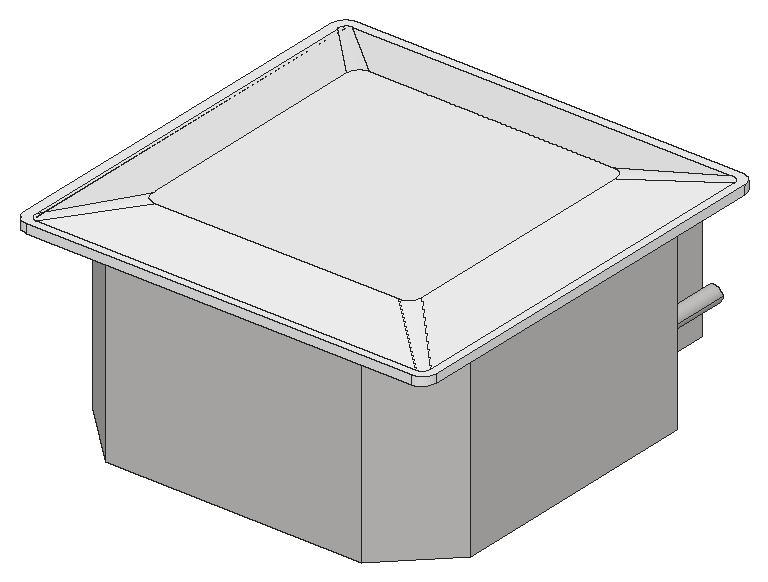
Revit family "Indoor_Unit-VRF-Ductless-JCI-4_Way_Cassette_Mini-0.7_1.5Ton-208_230V", category Mechanical Equipment, host Face, Revit 2013
Parameters (values of type "0.7 Ton - 208V /1PH 60Hz")
  Width = 22 7/16"
  Voltage = 208 V
  URL = "http://www.johnsoncontrols.com"
  Type Comments = "0.7 Ton Unit - 208V"
  Sound Pressure Level = "35 dB"
  Show Clearance [instance] = no
  Refrigerant Used = "R410A"  # constant formula
  Refrigerant Charge = 0.00 lbf
  Product Page URL = "http://www.johnsoncontrols.com/content/us/en/products/building_efficiency/products-and-systems/integrated_hvac_systems/Industrial___Commercial_HVAC_Equipment/Variable_Refrigerant_Flow_Systems_.html"
  Product Documentation Link = "http://www.johnsoncontrols.com/content/dam/WWW/jci/be/integrated_hvac_systems/hvac_equipment/variable_refrigerant/Catalog%202015%20VRF%20catalog_012115_D_FNL.pdf"
  Power Factor = 1
  Pipe Material = Metal - JCI - Steel - Galvanized - 18ga
  Phase = 1
  Nominal Heating Capacity = 13500.0 Btu/h
  Nominal Cooling Capacity = 12000.0 Btu/h
  Net Weight = 46.00 lbf
  Model = "TICM008B21S"
  Minimum Circuit Ampacity = 0.4 A
  Manufacturer = "Johnson Controls Inc."  # constant formula
  Liquid Line Radius = Liquid Connection Diameter / 2  # 1/8"
  Liquid Connection Diameter = 1/4"
  Height = 11 7/32"
  Heating Nominal Input Power = 50 VA
  Gross Weight = Net Weight + 14.00 lbf  # 60.00 lbf
  Gas Line Radius = Gas Connection Diameter / 2  # 1/4"
  Gas Connection Diameter = 1/2"
  Full Load Current = 0 A
  Frequency = 60 Hz  # constant formula
  Frame Finish = Metal - JCI - Steel - Galvanized - 18ga
  Facing Finish = Metal - JCI - Aluminum - Powder Coated - Pearl White
  Drain Pipe Radius = Drain Connection Size / 2  # 31/64"
  Drain Connection Size = 31/32"
  Description = "VRF Indoor 4-Way-Mini-Cassette"  # constant formula
  Depth = Width  # 22 7/16"
  Default Elevation = 94 1/2"
  Copyright © = "2015 Johnson Controls Inc."  # constant formula
  Cooling Nominal Input Power = 50 VA
  Condensate Drain Flow = 0 GPM
  Clearance Offset Top [instance] = 3/8"
  Clearance Offset Right [instance] = 19 11/16"
  Clearance Offset Left [instance] = 19 11/16"
  Clearance Offset Front [instance] = 3 15/16"
  Clearance Offset Bottom [instance] = 94 1/2"
  Clearance Offset Back [instance] = 3 15/16"
  CTRL Ceiling Opening = Width + 3/16" + 3/16"  # 22 13/16"
  Assembly Code = "D3040100"
  Apparent Load = 0 VA
  Air Flow Rate = 0 CFM
Reference planes (in)
  plane 1 "Center (Front/Back)": y = 0
  plane 2 "Original Bottom": z = 0
  plane 3 "Center (Left/Right)": x = 0
  plane 4 "Back": y = 11.21875
  plane 5 "Front": y = -11.21875
  plane 6 "Left": x = -11.21875
  plane 7 "Right": x = 11.21875
  plane 8 "Ceiling Opening Right": x = 11.40625
  plane 9 "Ceiling Opening Left": x = -11.40625
  plane 10 "Ceiling Opening Back": y = 11.40625
  plane 11 "Ceiling Opening Front": y = -11.40625
  plane 12 "Face Panel Right": x = 12.21875
  plane 13 "Face Panel Left": x = -12.21875
  plane 14 "Face Panel Back": y = 12.21875
  plane 15 "Face Panel Front": y = -12.21875
  plane 16 "Frame Bottom": z = -11.21875
  plane 17 "Frame Top": z = 0
  plane 18 "Panel Face": z = 1.1875
  plane 19 "Top Offset": z = 0.5
  plane 20 "Pipe Host Face": y = 9.25781
  plane 21 "Gas Pipe Center L/R": x = -7.53125
  plane 22 "Liquid Pipe Center L/R": x = -5.53125
  plane 23 "Drain Pipe Center L/R": x = 9.28125
  plane 24 "Panel Slope L": x = -7.96875
  plane 25 "Panel Slope R": x = 7.96875
  plane 26 "Panel Slope F": y = -7.96875
  plane 27 "Panel Slope B": y = 7.96875
  plane 28 "Air Outlet F": y = -6.71875
  plane 29 "Air Outlet B": y = 6.71875
  plane 30 "Air Outlet R": x = 6.71875
  plane 31 "Air Outlet L": x = -6.71875
  plane 32 "Gas Pipe Back": y = 13.28125
  plane 33 "Liquid Pipe Back": y = 13.90625
  plane 34 "Drain Pipe Back": y = 12.84375
  plane 35 "Drain Pipe Height": z = -6.9375
  plane 36 "Liquid Pipe Height": z = -7.0625
  plane 37 "Gas Pipe Height": z = -5.5
  plane 38 "Clearance Back": y = 15.15625
  plane 39 "Clearance Front": y = -15.15625
  plane 40 "Clearance Right": x = 30.90625
  plane 41 "Clearance Left": x = -30.90625
  plane 42 "Clearance Top": z = 94.5
  plane 43 "Clearance Bottom": z = -11.59375
  plane 44 "Side Vent Back": y = 5.46875
  plane 45 "Side Vent Front": y = -5.46875
  plane 46 "F/B Vent Right": x = 5.46875
  plane 47 "F/B Vent Left": x = -5.46875
  plane 48 "Electrical Box Back": y = 13.84375
  plane 49 "Electrical Box Left": x = -4.28125
  plane 50 "Electrical Box Right": x = 7.71875
  plane 51 "Electrical Box  Top": z = -2.71875
  plane 52 "Electrical Box Bottom": z = -10.21875
Forms (in)
  Extrusion 1, solid, material "Metal - JCI - Steel - Galvanized - 18ga" <- "Frame Finish"
    sketch origin (0, 0, 0) x (1, 0, 0) y (0, 1, 0)
      loop
        line (-11.21875, 7.8936) -> (-11.21875, -7.53429) -> (-7.53429, -11.21875) -> (7.63122, -11.21875) -> (11.21875, -7.63122) -> (11.21875, 7.67727) -> (7.67727, 11.21875) -> (-4.28125, 11.21875) -> (-4.28125, 10.40625) -> (-8.7061, 10.40625) -> (-11.21875, 7.8936)
    from -11.21875 to 0
  Sweep 2, void
    path origin (0, 0, 0) x (1, 0, 0) y (0, 0, 1)
      loop
        line (0, 1.1875) -> (0, -11.21875)
    profile origin (0, 0, -5.01562) x (0, -1, 0) y (1, 0, 0)
      loop
        line (-11.40625, -11.40625) -> (11.40625, -11.40625) -> (11.40625, 11.40625) -> (-11.40625, 11.40625) -> (-11.40625, -11.40625)
  Sweep 3, solid, material "Metal - JCI - Aluminum - Powder Coated - Pearl White" <- "Facing Finish"
    path origin (0, 0, 0) x (1, 0, 0) y (0, 1, 0)
      loop
        arc (-11.40625, 12.21875) -> (-11.98077, 11.98077) -> (-12.21875, 11.40625) r 0.8125
        line (-12.21875, 11.40625) -> (-12.21875, -11.40625)
        arc (-12.21875, -11.40625) -> (-11.98077, -11.98077) -> (-11.40625, -12.21875) r 0.8125
        line (-11.40625, -12.21875) -> (11.40625, -12.21875)
        arc (11.40625, -12.21875) -> (11.98077, -11.98077) -> (12.21875, -11.40625) r 0.8125
        line (12.21875, -11.40625) -> (12.21875, 11.40625)
        arc (12.21875, 11.40625) -> (11.98077, 11.98077) -> (11.40625, 12.21875) r 0.8125
        line (11.40625, 12.21875) -> (-11.40625, 12.21875)
    profile origin (0, 12.21875, 0) x (0, 1, 0) y (0, 0, 1)
      loop
        line (0, 0) -> (0, 0.5) -> (-0.78125, 0.5) -> (-0.78125, 0) -> (0, 0)
  SweptBlend 4, solid, material "Metal - JCI - Aluminum - Powder Coated - Pearl White" <- "Facing Finish"
    path origin (0, 0, 0) x (1, 0, 0) y (0, 0, 1)
      loop
        line (0, 0.5) -> (0, 1.1875)
    profile origin (0, 0, 0.5) x (-1, 0, 0) y (0, -1, 0)
      loop
        arc (11.21875, -11.71875) -> (11.5723, -11.5723) -> (11.71875, -11.21875) r 0.5
        line (11.71875, -11.21875) -> (11.71875, 11.21875)
        arc (11.71875, 11.21875) -> (11.5723, 11.5723) -> (11.21875, 11.71875) r 0.5
        line (11.21875, 11.71875) -> (-11.21875, 11.71875)
        arc (-11.21875, 11.71875) -> (-11.5723, 11.5723) -> (-11.71875, 11.21875) r 0.5
        line (-11.71875, 11.21875) -> (-11.71875, -11.21875)
        arc (-11.71875, -11.21875) -> (-11.5723, -11.5723) -> (-11.21875, -11.71875) r 0.5
        line (-11.21875, -11.71875) -> (11.21875, -11.71875)
    end profile origin (0, 0, 1.1875) x (-1, 0, 0) y (0, -1, 0)
      loop
        arc (-7.21875, 7.96875) -> (-7.74908, 7.74908) -> (-7.96875, 7.21875) r 0.75
        line (-7.96875, 7.21875) -> (-7.96875, -7.21875)
        arc (-7.96875, -7.21875) -> (-7.74908, -7.74908) -> (-7.21875, -7.96875) r 0.75
        line (-7.21875, -7.96875) -> (7.21875, -7.96875)
        arc (7.21875, -7.96875) -> (7.74908, -7.74908) -> (7.96875, -7.21875) r 0.75
        line (7.96875, -7.21875) -> (7.96875, 7.21875)
        arc (7.96875, 7.21875) -> (7.74908, 7.74908) -> (7.21875, 7.96875) r 0.75
        line (7.21875, 7.96875) -> (-7.21875, 7.96875)
  Sweep 5, solid, material "Metal - JCI - Steel - Galvanized - 18ga" <- "Pipe Material"
    path origin (0, 0, -5.5) x (-1, 0, 0) y (0, -1, 0)
      loop
        line (7.53125, -9.25781) -> (7.53125, -13.28125)
    profile origin (-7.53125, 11.26953, -5.5) x (-1, 0, 0) y (0, 0, 1)
      loop
        circle (0, 0) r 0.25
  Sweep 6, solid, material "Metal - JCI - Steel - Galvanized - 18ga" <- "Pipe Material"
    path origin (0, 0, -7.0625) x (-1, 0, 0) y (0, -1, 0)
      loop
        line (5.53125, -9.25781) -> (5.53125, -13.90625)
    profile origin (-5.53125, 11.58203, -7.0625) x (-1, 0, 0) y (0, 0, 1)
      loop
        circle (0, 0) r 0.125
  Sweep 7, solid, material "Metal - JCI - Steel - Galvanized - 18ga" <- "Pipe Material"
    path origin (0, 0, -6.9375) x (-1, 0, 0) y (0, -1, 0)
      loop
        line (-9.28125, -9.25781) -> (-9.28125, -12.84375)
    profile origin (9.28125, 11.05078, -6.9375) x (-1, 0, 0) y (0, 0, 1)
      loop
        circle (0, 0) r 0.48438
  Extrusion 8, solid, material "Clearance", visible <- "Show Clearance"
    sketch origin (0.77142, -0.03631, 0) x (-1, 0, 0) y (0, -1, 0)
      loop
        line (31.67767, -15.19256) -> (31.67767, 15.11994) -> (-30.13483, 15.11994) -> (-30.13483, -15.19256) -> (31.67767, -15.19256)
    from -11.59375 to 94.5
  Extrusion 9, solid, material "Metal - JCI - Steel - Galvanized - 18ga" <- "Frame Finish"
    sketch origin (0, 0, -5.5) x (-1, 0, 0) y (0, -1, 0)
      loop
        line (4.28125, -13.84375) -> (4.28125, -11.21875) -> (-7.71875, -11.21875) -> (-7.71875, -13.84375) -> (4.28125, -13.84375)
    from -4.71875 to 2.78125
Lines and regions (in)
  Split face 1
    outline origin (11.71875, 7.03353, 0.5) x (0, 1, 0) y (-0.983607, 0, 0.180328)
      loop
        line (-12.5625, 2.9356) -> (-12.5625, 0.9356) -> (-1.50456, 0.9356) -> (-1.50456, 2.9356) -> (-12.5625, 2.9356)
  Split face 2
    outline origin (0, 11.71875, 0.5) x (-1, 0, 0) y (0, -0.983607, 0.180328)
      loop
        line (-5.46875, 2.9375) -> (-5.46875, 0.9375) -> (5.46875, 0.9375) -> (5.46875, 2.9375) -> (-5.46875, 2.9375)
  Split face 3
    outline origin (0, 0, 1.1875) x (1, 0, 0) y (0, 1, 0)
      loop
        line (-6.71875, -6.71875) -> (6.71875, -6.71875) -> (6.71875, 6.71875) -> (-6.71875, 6.71875) -> (-6.71875, -6.71875)
  Masking region 1
    outline origin (0, 0, 0.5) x (-1, 0, 0) y (0, -1, 0)
      loop
        line (12.21875, -12.21875) -> (12.21875, 12.21875) -> (-12.21875, 12.21875) -> (-12.21875, -12.21875) -> (12.21875, -12.21875)
  Masking region 2
    outline origin (0, 0, -11.21875) x (-1, 0, 0) y (0, -1, 0)
      loop
        line (-11.21875, -7.67727) -> (-7.67727, -11.21875) -> (4.28125, -11.21875) -> (4.28125, -10.40625) -> (8.53125, -10.40625) -> (11.21875, -8.46176) -> (11.21875, 7.53429) -> (7.53429, 11.21875) -> (-7.63122, 11.21875) -> (-11.21875, 7.63122) -> (-11.21875, -7.67727)
  Split face 4
    outline origin (-11.71875, 0, 0.5) x (0, -1, 0) y (0.983607, 0, 0.180328)
      loop
        line (-5.46875, 2.9375) -> (-5.46875, 0.9375) -> (5.46875, 0.9375) -> (5.46875, 2.9375) -> (-5.46875, 2.9375)
  Split face 5
    outline origin (0, -11.71875, 0.5) x (1, 0, 0) y (0, 0.983607, 0.180328)
      loop
        line (-5.46875, 2.92752) -> (-5.46875, 0.92752) -> (5.46875, 0.92752) -> (5.46875, 2.92752) -> (-5.46875, 2.92752)
  symbolic lines, detail levels medium+fine
    curve 1: line (-7.96875, 7.21875, 1.1875) -> (-7.96875, -7.21875, 1.1875)
    curve 2: arc (-7.96875, -7.21875, 1.1875) -> (-7.74908, -7.74908, 1.1875) -> (-7.21875, -7.96875, 1.1875) r 0.75
    curve 3: line (-7.21875, -7.96875, 1.1875) -> (7.21875, -7.96875, 1.1875)
    curve 4: arc (7.21875, -7.96875, 1.1875) -> (7.74908, -7.74908, 1.1875) -> (7.96875, -7.21875, 1.1875) r 0.75
    curve 5: line (7.96875, -7.21875, 1.1875) -> (7.96875, 7.21875, 1.1875)
    curve 6: arc (7.96875, 7.21875, 1.1875) -> (7.74908, 7.74908, 1.1875) -> (7.21875, 7.96875, 1.1875) r 0.75
    curve 7: line (7.21875, 7.96875, 1.1875) -> (-7.21875, 7.96875, 1.1875)
    curve 8: arc (-7.21875, 7.96875, 1.1875) -> (-7.74908, 7.74908, 1.1875) -> (-7.96875, 7.21875, 1.1875) r 0.75
  symbolic lines, detail levels fine
    curve 9: line (-6.71875, 6.71875, 1.1875) -> (6.71875, 6.71875, 1.1875)
    curve 10: line (-6.71875, -6.71875, 1.1875) -> (-6.71875, 6.71875, 1.1875)
    curve 11: line (6.71875, -6.71875, 1.1875) -> (-6.71875, -6.71875, 1.1875)
    curve 12: line (6.71875, 6.71875, 1.1875) -> (6.71875, -6.71875, 1.1875)
    curve 13: line (8.95172, -5.52897, 1.1875) -> (8.95172, 5.52897, 1.1875)
    curve 14: line (8.95172, 5.52897, 1.1875) -> (10.79849, 5.52897, 1.1875)
    curve 15: line (10.79849, 5.52897, 1.1875) -> (10.79849, -5.52897, 1.1875)
    curve 16: line (10.79849, -5.52897, 1.1875) -> (8.95172, -5.52897, 1.1875)
    curve 17: line (-10.79662, 5.46875, 1.1875) -> (-10.79662, -5.46875, 1.1875)
    curve 18: line (-10.79662, -5.46875, 1.1875) -> (-8.82941, -5.46875, 1.1875)
    curve 19: line (-8.82941, -5.46875, 1.1875) -> (-8.82941, 5.46875, 1.1875)
    curve 20: line (-8.82941, 5.46875, 1.1875) -> (-10.79662, 5.46875, 1.1875)
    curve 21: line (5.46875, -10.79662, 1.1875) -> (-5.46875, -10.79662, 1.1875)
    curve 22: line (-5.46875, -10.79662, 1.1875) -> (-5.46875, -8.82941, 1.1875)
    curve 23: line (-5.46875, -8.82941, 1.1875) -> (5.46875, -8.82941, 1.1875)
    curve 24: line (5.46875, -8.82941, 1.1875) -> (5.46875, -10.79662, 1.1875)
    curve 25: line (-5.46875, 8.82941, 1.1875) -> (5.46875, 8.82941, 1.1875)
    curve 26: line (5.46875, 8.82941, 1.1875) -> (5.46875, 10.79662, 1.1875)
    curve 27: line (5.46875, 10.79662, 1.1875) -> (-5.46875, 10.79662, 1.1875)
    curve 28: line (-5.46875, 10.79662, 1.1875) -> (-5.46875, 8.82941, 1.1875)
  model lines, style "Clearance", visible <- "Show Clearance"
    curve 29: line (30.90625, -15.15625, 94.5) -> (-30.90625, -15.15625, 94.5)
    curve 30: line (-30.90625, -15.15625, 94.5) -> (-30.90625, -15.15625, -11.59375)
    curve 31: line (-30.90625, -15.15625, -11.59375) -> (30.90625, -15.15625, -11.59375)
    curve 32: line (30.90625, -15.15625, -11.59375) -> (30.90625, -15.15625, 94.5)
    curve 33: line (-30.90625, 15.15625, 94.5) -> (30.90625, 15.15625, 94.5)
    curve 34: line (30.90625, 15.15625, 94.5) -> (30.90625, 15.15625, -11.59375)
    curve 35: line (30.90625, 15.15625, -11.59375) -> (-30.90625, 15.15625, -11.59375)
    curve 36: line (-30.90625, 15.15625, -11.59375) -> (-30.90625, 15.15625, 94.5)
    curve 37: line (-30.90625, -15.15625, 94.5) -> (-30.90625, 15.15625, 94.5)
    curve 38: line (-30.90625, 15.15625, -11.59375) -> (-30.90625, -15.15625, -11.59375)
    curve 39: line (30.90625, 15.15625, 94.5) -> (30.90625, -15.15625, 94.5)
    curve 40: line (30.90625, -15.15625, -11.59375) -> (30.90625, 15.15625, -11.59375)
Dimensions and locks (in)
  equal spacing: plane 6 "Left", plane 3 "Center (Left/Right)", plane 7 "Right"
  "Width": plane 6 "Left" to plane 7 "Right"
  equal spacing: plane 4 "Back", plane 1 "Center (Front/Back)", plane 5 "Front"
  "Depth": plane 5 "Front" to plane 4 "Back"
  locked: plane 13 "Face Panel Left" to plane 9 "Ceiling Opening Left" at 0.8125
  locked: plane 8 "Ceiling Opening Right" to plane 12 "Face Panel Right" at 0.8125
  equal spacing: plane 9 "Ceiling Opening Left", plane 3 "Center (Left/Right)", plane 8 "Ceiling Opening Right"
  "CTRL Ceiling Opening": plane 9 "Ceiling Opening Left" to plane 8 "Ceiling Opening Right"
  locked: plane 15 "Face Panel Front" to plane 11 "Ceiling Opening Front" at 0.8125
  plane 14 "Face Panel Back" to plane 10 "Ceiling Opening Back" = 13/16"
  equal spacing: plane 10 "Ceiling Opening Back", plane 1 "Center (Front/Back)", plane 11 "Ceiling Opening Front"
  "CTRL Ceiling Opening": plane 10 "Ceiling Opening Back" to plane 11 "Ceiling Opening Front"
  "Height": plane 17 "Frame Top" to plane 16 "Frame Bottom"
  locked: plane 18 "Panel Face" to plane 17 "Frame Top" at 1.1875
  locked: plane 19 "Top Offset" to plane 17 "Frame Top" at 0.5
  locked: plane 6 "Left" to plane 21 "Gas Pipe Center L/R" at 3.6875
  locked: plane 6 "Left" to plane 22 "Liquid Pipe Center L/R" at 5.6875
  locked: plane 6 "Left" to plane 23 "Drain Pipe Center L/R" at 20.5
  Extrusion 1 sketch curve to plane 7 "Right" = 3.54148"
  locked: Extrusion 1 sketch curve to plane 7 "Right" at 3.58753
  locked: plane 5 "Front" to Extrusion 1 sketch curve at 3.58753
  locked: plane 4 "Back" to Extrusion 1 sketch curve at 3.54148
  locked: plane 25 "Panel Slope R" to plane 7 "Right" at 3.25
  locked: plane 6 "Left" to plane 24 "Panel Slope L" at 3.25
  locked: plane 5 "Front" to plane 26 "Panel Slope F" at 3.25
  locked: plane 4 "Back" to plane 27 "Panel Slope B" at 3.25
  locked: plane 10 "Ceiling Opening Back" to Sweep 3 sketch curve at 0.03125
  locked: plane 14 "Face Panel Back" to SweptBlend 4 sketch curve at 0.5
  locked: SweptBlend 4 sketch curve to plane 12 "Face Panel Right" at 0.5
  locked: plane 13 "Face Panel Left" to SweptBlend 4 sketch curve at 0.5
  locked: plane 15 "Face Panel Front" to SweptBlend 4 sketch curve at 0.5
  locked: SweptBlend 4 sketch curve to SweptBlend 4 sketch curve at 0.70711  (x4)
  locked: SweptBlend 4 sketch curve to SweptBlend 4 sketch curve at 1.06066  (x4)
  equal spacing: plane 28 "Air Outlet F", plane 1 "Center (Front/Back)", plane 29 "Air Outlet B"
  locked: plane 27 "Panel Slope B" to plane 29 "Air Outlet B" at 1.25
  locked: plane 30 "Air Outlet R" to plane 25 "Panel Slope R" at 1.25
  equal spacing: plane 31 "Air Outlet L", plane 3 "Center (Left/Right)", plane 30 "Air Outlet R"
  locked: plane 17 "Frame Top" to plane 2 "Original Bottom"
  locked: plane 5 "Front" to Extrusion 1 sketch curve at 3.68446
  locked: plane 32 "Gas Pipe Back" to plane 20 "Pipe Host Face" at 4.02344
  locked: plane 33 "Liquid Pipe Back" to plane 20 "Pipe Host Face" at 4.64844
  locked: plane 34 "Drain Pipe Back" to plane 20 "Pipe Host Face" at 3.58594
  locked: plane 17 "Frame Top" to plane 37 "Gas Pipe Height" at 5.5
  locked: plane 17 "Frame Top" to plane 36 "Liquid Pipe Height" at 7.0625
  locked: plane 17 "Frame Top" to plane 35 "Drain Pipe Height" at 6.9375
  "Clearance Offset Top": plane 16 "Frame Bottom" to plane 43 "Clearance Bottom"
  "Clearance Offset Back": plane 38 "Clearance Back" to plane 4 "Back"
  "Clearance Offset Front": plane 39 "Clearance Front" to plane 5 "Front"
  "Clearance Offset Left": plane 41 "Clearance Left" to plane 6 "Left"
  "Clearance Offset Right": plane 7 "Right" to plane 40 "Clearance Right"
  "Clearance Offset Bottom": plane 42 "Clearance Top" to plane 17 "Frame Top"
  locked: plane 6 "Left" to Extrusion 1 sketch curve at 2.51265
  locked: plane 4 "Back" to Extrusion 1 sketch curve at 0.8125
  locked: plane 4 "Back" to plane 20 "Pipe Host Face" at 1.96094
  locked: plane 25 "Panel Slope R" to Split face 1 sketch curve at 0.86253
  locked: Split face 2 sketch curve to plane 27 "Panel Slope B" at 0.86066
  equal spacing: plane 44 "Side Vent Back", plane 1 "Center (Front/Back)", plane 45 "Side Vent Front"
  locked: plane 29 "Air Outlet B" to plane 44 "Side Vent Back" at 1.25
  equal spacing: plane 47 "F/B Vent Left", plane 3 "Center (Left/Right)", plane 46 "F/B Vent Right"
  locked: plane 46 "F/B Vent Right" to plane 30 "Air Outlet R" at 1.25
  locked: Split face 4 sketch curve to plane 24 "Panel Slope L" at 0.86066
  locked: Split face 5 sketch curve to plane 26 "Panel Slope F" at 0.87048
  locked: plane 48 "Electrical Box Back" to plane 4 "Back" at 2.625
  locked: plane 50 "Electrical Box Right" to plane 7 "Right" at 3.5
  locked: plane 49 "Electrical Box Left" to plane 50 "Electrical Box Right" at 12
  locked: plane 52 "Electrical Box Bottom" to plane 16 "Frame Bottom" at 1
  locked: plane 51 "Electrical Box  Top" to plane 52 "Electrical Box Bottom" at 7.5
  "Gas Line Radius": radius of Sweep 5 sketch curve
  "Liquid Line Radius": radius of Sweep 6 sketch curve
  "Drain Pipe Radius": radius of Sweep 7 sketch curve
  aligned and locked: plane 2 "Original Bottom" to host face
  aligned and locked: level to host face
  aligned and locked: Extrusion 1 sketch curve to plane 7 "Right"
  aligned and locked: Extrusion 1 sketch curve to plane 5 "Front"
  aligned and locked: Extrusion 1 sketch curve to plane 6 "Left"
  aligned and locked: Extrusion 1 to plane 16 "Frame Bottom"
  aligned and locked: plane 17 "Frame Top" to Extrusion 1
  aligned and locked: Sweep 2 sketch curve to plane 3 "Center (Left/Right)"
  aligned and locked: plane 18 "Panel Face" to Sweep 2 sketch curve
  aligned and locked: plane 16 "Frame Bottom" to Sweep 2 sketch curve
  aligned and locked: Sweep 2 sketch curve to plane 10 "Ceiling Opening Back"
  aligned and locked: Sweep 2 sketch curve to plane 8 "Ceiling Opening Right"
  aligned and locked: Sweep 2 sketch curve to plane 11 "Ceiling Opening Front"
  aligned and locked: Sweep 2 sketch curve to plane 9 "Ceiling Opening Left"
  aligned and locked: plane 3 "Center (Left/Right)" to SweptBlend 4 sketch curve
  aligned and locked: plane 18 "Panel Face" to SweptBlend 4 sketch curve
  aligned and locked: plane 19 "Top Offset" to SweptBlend 4 sketch curve
  aligned and locked: Sweep 3 sketch curve to plane 12 "Face Panel Right"
  aligned and locked: Sweep 3 sketch curve to plane 15 "Face Panel Front"
  aligned and locked: Sweep 3 sketch curve to plane 13 "Face Panel Left"
  aligned and locked: Sweep 3 sketch curve to plane 14 "Face Panel Back"
  aligned and locked: plane 14 "Face Panel Back" to Sweep 3 sketch curve
  aligned and locked: plane 17 "Frame Top" to Sweep 3 sketch curve
  aligned and locked: plane 19 "Top Offset" to Sweep 3 sketch curve
  aligned and locked: plane 8 "Ceiling Opening Right" to Sweep 3 sketch curve  (x2)
  aligned and locked: plane 10 "Ceiling Opening Back" to Sweep 3 sketch curve  (x2)
  aligned and locked: plane 9 "Ceiling Opening Left" to Sweep 3 sketch curve  (x2)
  aligned and locked: plane 11 "Ceiling Opening Front" to Sweep 3 sketch curve  (x2)
  aligned and locked: SweptBlend 4 sketch curve to plane 24 "Panel Slope L"
  aligned and locked: SweptBlend 4 sketch curve to plane 27 "Panel Slope B"
  aligned and locked: SweptBlend 4 sketch curve to plane 25 "Panel Slope R"
  aligned and locked: SweptBlend 4 sketch curve to plane 26 "Panel Slope F"
  aligned and locked: plane 32 "Gas Pipe Back" to Sweep 5 sketch curve
  aligned and locked: plane 20 "Pipe Host Face" to Sweep 5 sketch curve
  aligned and locked: Sweep 5 sketch curve to plane 21 "Gas Pipe Center L/R"
  aligned and locked: plane 37 "Gas Pipe Height" to Sweep 5 sketch curve
  aligned and locked: plane 21 "Gas Pipe Center L/R" to Sweep 5 sketch curve
  aligned and locked: Sweep 6 sketch curve to plane 22 "Liquid Pipe Center L/R"
  aligned and locked: plane 20 "Pipe Host Face" to Sweep 6 sketch curve
  aligned and locked: plane 33 "Liquid Pipe Back" to Sweep 6 sketch curve
  aligned and locked: plane 36 "Liquid Pipe Height" to Sweep 6 sketch curve
  aligned and locked: plane 22 "Liquid Pipe Center L/R" to Sweep 6 sketch curve
  aligned and locked: plane 34 "Drain Pipe Back" to Sweep 7 sketch curve
  aligned and locked: Sweep 7 sketch curve to plane 23 "Drain Pipe Center L/R"
  aligned and locked: plane 20 "Pipe Host Face" to Sweep 7 sketch curve
  aligned and locked: plane 35 "Drain Pipe Height" to Sweep 7 sketch curve
  aligned and locked: plane 23 "Drain Pipe Center L/R" to Sweep 7 sketch curve
  aligned and locked: plane 29 "Air Outlet B" to Split face 3 sketch curve
  aligned and locked: Split face 3 sketch curve to plane 31 "Air Outlet L"
  aligned and locked: Split face 3 sketch curve to plane 30 "Air Outlet R"
  aligned and locked: plane 28 "Air Outlet F" to Split face 3 sketch curve
  aligned and locked: plane 41 "Clearance Left" to Extrusion 8
  aligned and locked: plane 40 "Clearance Right" to Extrusion 8
  aligned and locked: Extrusion 8 to plane 39 "Clearance Front"
  aligned and locked: plane 38 "Clearance Back" to Extrusion 8
  aligned and locked: plane 42 "Clearance Top" to Extrusion 8
  aligned and locked: Extrusion 8 to plane 43 "Clearance Bottom"
  aligned and locked: Masking region 1 sketch curve to plane 14 "Face Panel Back"
  aligned and locked: Masking region 1 sketch curve to plane 13 "Face Panel Left"
  aligned and locked: Masking region 1 sketch curve to plane 15 "Face Panel Front"
  aligned and locked: Masking region 1 sketch curve to plane 12 "Face Panel Right"
  aligned and locked: curve 2 to SweptBlend 4
  aligned and locked: curve 4 to SweptBlend 4
  aligned and locked: curve 6 to SweptBlend 4
  aligned and locked: curve 8 to SweptBlend 4
  aligned and locked: plane 30 "Air Outlet R" to curve 12
  aligned and locked: plane 31 "Air Outlet L" to curve 10
  aligned and locked: curve 29 to Extrusion 8
  aligned and locked: curve 30 to Extrusion 8
  aligned and locked: curve 31 to Extrusion 8
  aligned and locked: curve 32 to Extrusion 8
  aligned and locked: curve 33 to Extrusion 8
  aligned and locked: curve 34 to Extrusion 8
  aligned and locked: curve 35 to Extrusion 8
  aligned and locked: curve 36 to Extrusion 8
  aligned and locked: curve 37 to Extrusion 8
  aligned and locked: curve 38 to Extrusion 8
  aligned and locked: curve 39 to Extrusion 8
  aligned and locked: curve 40 to Extrusion 8
  aligned and locked: Masking region 2 sketch curve to Extrusion 1  (x4)
  aligned and locked: Extrusion 1 sketch curve to plane 4 "Back"
  aligned and locked: Split face 1 to curve 14
  aligned and locked: curve 16 to Split face 1
  aligned and locked: curve 28 to Split face 2
  aligned and locked: curve 25 to Split face 2
  aligned and locked: curve 27 to Split face 2
  aligned and locked: curve 26 to Split face 2
  aligned and locked: plane 46 "F/B Vent Right" to Split face 2 sketch curve
  aligned and locked: Split face 2 sketch curve to plane 47 "F/B Vent Left"
  aligned and locked: plane 44 "Side Vent Back" to curve 20
  aligned and locked: curve 18 to plane 45 "Side Vent Front"
  aligned and locked: curve 22 to plane 47 "F/B Vent Left"
  aligned and locked: plane 46 "F/B Vent Right" to curve 24
  aligned and locked: plane 45 "Side Vent Front" to Split face 4 sketch curve
  aligned and locked: Split face 4 sketch curve to plane 44 "Side Vent Back"
  aligned and locked: Split face 5 sketch curve to plane 47 "F/B Vent Left"
  aligned and locked: plane 46 "F/B Vent Right" to Split face 5 sketch curve
  aligned and locked: Extrusion 9 sketch curve to plane 48 "Electrical Box Back"
  aligned and locked: plane 49 "Electrical Box Left" to Extrusion 9 sketch curve
  aligned and locked: Extrusion 9 sketch curve to plane 50 "Electrical Box Right"
  aligned and locked: plane 4 "Back" to Extrusion 9 sketch curve
  aligned and locked: Extrusion 9 to plane 52 "Electrical Box Bottom"
  aligned and locked: plane 51 "Electrical Box  Top" to Extrusion 9
  aligned and locked: plane 49 "Electrical Box Left" to Extrusion 1 sketch curve
Automatic sketch dimensions
  host sketch curve to host sketch curve = 96"  (x2)
  Extrusion 8 sketch curve to plane 38 "Clearance Back" = 0"
  Extrusion 8 sketch curve to plane 40 "Clearance Right" = 0"
  Extrusion 8 sketch curve to plane 39 "Clearance Front" = 0"
  Extrusion 8 sketch curve to plane 41 "Clearance Left" = 0"
  curve 37 to plane 38 "Clearance Back" = 0"
  curve 38 to plane 38 "Clearance Back" = 0"
  curve 38 to plane 39 "Clearance Front" = 0"
  curve 37 to plane 39 "Clearance Front" = 0"
  curve 40 to plane 38 "Clearance Back" = 0"
  curve 39 to plane 38 "Clearance Back" = 0"
  curve 40 to plane 39 "Clearance Front" = 0"
  curve 39 to plane 39 "Clearance Front" = 0"
  Masking region 2 sketch curve to plane 7 "Right" = 0"
  Masking region 2 sketch curve to plane 4 "Back" = 0"
  Masking region 2 sketch curve to plane 6 "Left" = 0"
  plane 21 "Gas Pipe Center L/R" to Masking region 2 sketch curve = 1"
  plane 27 "Panel Slope B" to Masking region 2 sketch curve = 0.49301"
  Masking region 2 sketch curve to plane 4 "Back" = 13/16"
  SweptBlend 4 to Split face 1 sketch curve = 0.9356"
  Split face 1 sketch curve to SweptBlend 4 = 3.24834"
  SweptBlend 4 to Split face 1 sketch curve = 0.8769"
  Split face 1 sketch curve to Split face 1 sketch curve = 11.05794"
  SweptBlend 4 to Split face 2 sketch curve = 15/16"
  Split face 2 sketch curve to SweptBlend 4 = 3.28851"
  SweptBlend 4 to Split face 2 sketch curve = 7/8"
  curve 12 to plane 29 "Air Outlet B" = 0"
  plane 28 "Air Outlet F" to curve 10 = 0"
  curve 16 to plane 7 "Right" = 0.42026"
  plane 23 "Drain Pipe Center L/R" to curve 13 = 0.32953"
  plane 24 "Panel Slope L" to curve 19 = 0.86066"
  plane 26 "Panel Slope F" to curve 23 = 0.86066"
  curve 17 to plane 6 "Left" = 0.42213"
  curve 21 to plane 5 "Front" = 0.42213"
  SweptBlend 4 to Split face 4 sketch curve = 15/16"
  SweptBlend 4 to Split face 4 sketch curve = 2 15/16"
  SweptBlend 4 to Split face 5 sketch curve = 0.92752"
  Split face 5 sketch curve to SweptBlend 4 = 1.848"
  Extrusion 1 sketch curve to plane 27 "Panel Slope B" = 0.07515"
  plane 21 "Gas Pipe Center L/R" to Extrusion 1 sketch curve = 0.00304"
  Masking region 2 sketch curve to plane 49 "Electrical Box Left" = 0"
Connectors (in)
  piping at (-7.53125, 13.28125, -5.5), driven by "Gas Line Radius"
    settings: on Sweep 5, index 1, connector radius 1/4", flow factor 0, pipe flow 0 GPM, pressure drop 0.00 psi, fitting loss kfactor 0, connector angle 0.00°, fixture units 0, engagement length 0", flow configuration 0, flow direction 0, fitting loss method 0, system type 29, joint type 0, gender type 0, connector reference index -1, connector utility 0, adjustable connector no, is connector primary yes, fitting loss table "", connector description "Gass Connection"
  piping at (-5.53125, 13.90625, -7.0625), driven by "Liquid Line Radius"
    settings: on Sweep 6, index 2, connector radius 1/8", flow factor 0, pipe flow 0 GPM, pressure drop 0.00 psi, fitting loss kfactor 0, connector angle 0.00°, fixture units 0, engagement length 0", flow configuration 0, flow direction 0, fitting loss method 0, system type 29, joint type 0, gender type 0, connector reference index -1, connector utility 0, adjustable connector no, is connector primary no, fitting loss table "", connector description "Liquid Pipe Connection"
  piping at (9.28125, 12.84375, -6.9375), driven by "Drain Pipe Radius", driven by "Condensate Drain Flow"
    settings: on Sweep 7, index 3, connector radius 31/64", flow factor 0, pipe flow 0 GPM, pressure drop 0.00 psi, fitting loss kfactor 0, connector angle 0.00°, fixture units 0, engagement length 0", flow configuration 1, flow direction 2, fitting loss method 0, system type 16, joint type 0, gender type 0, connector reference index -1, connector utility 0, adjustable connector no, is connector primary no, fitting loss table "", connector description "Drain Connection"
  electrical at (1.71875, 13.84375, -6.46875), driven by "Voltage", driven by "Apparent Load", driven by "Power Factor"
    settings: on Extrusion 9, index 5, voltage 208 V, apparent load 0 VA, apparent load phase1 0 VA, apparent load phase2 0 VA, apparent load phase3 0 VA, power factor 1, load classification "HVAC", number of poles 1, system type 30, power factor state 1, is connector primary yes, connector utility no, sub classification motor no, connector description "Electric Power Connection"
Types in the file's own list only (7): name | Voltage | Type Comments | Sound Pressure Level | Refrigerant Charge | Nominal Heating Capacity | Nominal Cooling Capacity | Net Weight | Model | Minimum Circuit Ampacity | Liquid Line Radius | Liquid Connection Diameter | Heating Nominal Input Power | Gross Weight | Gas Line Radius | Gas Connection Diameter | Drain Pipe Radius | Drain Connection Size | Cooling Nominal Input Power | Air Flow Rate
  1 Ton - 208V /1PH 60Hz | 208 V | "1 Ton Unit - 208V" | "41 dB" | 0.00 lb | 13500.0 Btu/h | 12000.0 Btu/h | 7.00 lb | "TICM012B21S" | 1 A | 1/8" | 0" | 50 VA | 21.00 lb | 1/4" | 1" | 1/2" | 1" | 50 VA | 459 CFM
  1.3 Ton - 208V /1PH 60Hz | 208 V | "1.3 Ton Unit - 208V" | "43 dB" | 0.00 lb | 17000.0 Btu/h | 15000.0 Btu/h | 7.00 lb | "TICM015B21S" | 1 A | 1/8" | 0" | 60 VA | 21.00 lb | 1/4" | 1" | 1/2" | 1" | 70 VA | 530 CFM
  1.5 Ton - 208V /1PH 60Hz | 208 V | "1.5 Ton Unit - 208V" | "47 dB" | 0.00 lb | 20000.0 Btu/h | 18000.0 Btu/h | 7.00 lb | "TICM018B21S" | 1 A | 3/16" | 0" | 120 VA | 21.00 lb | 5/16" | 1" | 1/2" | 1" | 120 VA | 565 CFM
  0.7 Ton - 230V /1PH 60Hz | 230 V | "0.7 Ton Unit - 230V" | "38 dB" | 0.00 lb | 9000.0 Btu/h | 8000.0 Btu/h | 7.00 lb | "TICM008B21S" | 1 A | 1/8" | 0" | 40 VA | 21.00 lb | 1/4" | 1" | 1/2" | 1" | 40 VA | 424 CFM
  1 Ton - 230V /1PH 60Hz | 230 V | "1 Ton Unit - 230V" | "41 dB" | 0.00 lb | 13500.0 Btu/h | 12000.0 Btu/h | 7.00 lb | "TICM012B21S" | 1 A | 1/8" | 0" | 50 VA | 21.00 lb | 1/4" | 1" | 1/2" | 1" | 50 VA | 459 CFM
  1.3 Ton - 230V /1PH 60Hz | 230 V | "1.3 Ton Unit - 230V" | "43 dB" | 0.00 lb | 17000.0 Btu/h | 15000.0 Btu/h | 7.00 lb | "TICM015B21S" | 1 A | 1/8" | 0" | 60 VA | 21.00 lb | 1/4" | 1" | 1/2" | 1" | 70 VA | 530 CFM
  1.5 Ton - 230V /1PH 60Hz | 230 V | "1.5 Ton Unit - 230V" | "47 dB" | 0.00 lb | 20000.0 Btu/h | 18000.0 Btu/h | 7.00 lb | "TICM018B21S" | 1 A | 3/16" | 0" | 120 VA | 21.00 lb | 5/16" | 1" | 1/2" | 1" | 120 VA | 565 CFM
